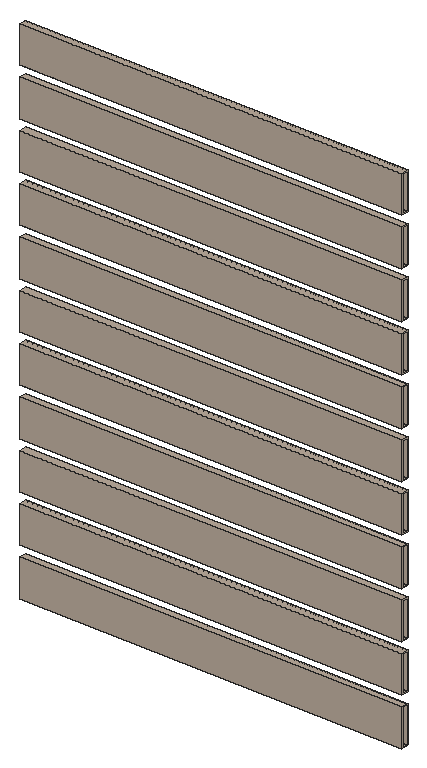
Revit family "Palmshield-Mercury-Semi-Private-Aluminum-Panel", category Specialty Equipment, Revit 2026
Family settings
  Round Connector Dimension = Use Diameter
  Part Type = Normal
  Classification Number = 23.55.00.00
  Work Plane-Based = No
  Enable Cutting in Views = No
  Always vertical = No
  Cut with Voids When Loaded = No
  Maintain Annotation Orientation = No
  Shared = No
  Room Calculation Point = No
Parameters (values of type "Assembly")
  Width [instance] = if(Desired Overall Width < C Min Width, C Min Width, if(Desired Overall Width > C Max Width, C Max Width, Desired Overall Width))  # 4' - 0"
  Warranty URL = "https://palmshieldlouvers.com/wp-content/uploads/2020/01/PalmSHIELD-Warranty-NO-SIGN-LINE.pdf"
  Version = "2020 - v1.0a"  # constant formula
  URL = "https://palmshieldlouvers.com/"
  Product Page URL = "https://palmshieldlouvers.com/products/mercury-eco-semi-private/"
  Product Documentation Link = "https://palmshieldlouvers.com/wp-content/uploads/2022/01/Mercury-Economic-Semi-Private-Aluminum-Composite.pdf"
  Offset From Surface = 0' - 2"  # constant formula
  Model = "Mercury Economic Semi Private - Aluminum"  # constant formula
  Material = Metal - PalmSHIELD - Grey Beige
  Manufacturer Phone Number = "531-329-4406 "  # constant formula
  Manufacturer Email = "mailto: info@palmshieldlouvers.com"
  Manufacturer Address = "12330 Cary Circle, La Vista, NE 68128"  # constant formula
  Manufacturer = "PalmSHIELD"  # constant formula
  Louver Finish = Metal - PalmSHIELD - Grey Beige
  Keynote = "05 10 00"
  Instruction Sheet Link = "https://palmshieldlouvers.com/wp-content/uploads/2021/09/PalmSHIELD-Mercury-Series-Post-Panel-Gate-Installation-Instructions-2.docx"
  ID [instance] = "Not Assigned"
  Height [instance] = if(Desired Overall Height < C Min Height, C Min Height, if(Desired Overall Height > C Max Height, C Max Height, Desired Overall Height))  # 6' - 0"
  Desired Overall Width [instance] = 4' - 0"
  Desired Overall Height [instance] = 6' - 0"
  Desired Bottom Angle [instance] = 0.00°
  Description = "Mercury Economic Semi Private - Aluminum - Panel Assembly"  # constant formula
  Default Elevation = 0' - 0"
  Copyright = "Copyright ©2024 The American Fence Company and PalmSHIELD. All Rights Reserved."  # constant formula
  Component Vis [instance] = yes
  Component Name [instance] = "Mercury Economic Semi Private - Aluminum"  # constant formula
  C Min Width [instance] = 4' - 0"  # constant formula
  C Min Height [instance] = C Min Width  # 4' - 0"
  C Max Width [instance] = 5' - 0"  # constant formula
  C Max Height [instance] = 8' - 0"  # constant formula
  C Angle [instance] = if(Desired Bottom Angle > 10.00°, 10.00°, if(Desired Bottom Angle < -10.00°, -10.00°, Desired Bottom Angle))  # 0.00°
  Assembly Code = "F1020100"
Reference planes (in)
  plane 1 "Center (Front/Back)": y = 0
  plane 2: z = 0
  plane 3 "Center (Left/Right)": x = 0
  plane 4: z = 72
  plane 5: x = 48
  plane 6: y = 3
  plane 7: y = 1.5
Lines and regions (in)
  reference lines
    curve 1: line (48, 0, 96.95698) -> (48, 0, -11)
    curve 2: line (-20.8931, 0, 72) -> (71.1069, 0, 72)
Dimensions and locks (in)
  "Desired Overall Height": curve 2 to level
  "Desired Overall Width": curve 1 to plane 3 "Center (Left/Right)"
  "Height": plane 4 to level
  "Width": plane 5 to plane 3 "Center (Left/Right)"
  equal spacing: plane 1 "Center (Front/Back)", plane 7, plane 6
  aligned and locked: plane 2 to level
Automatic sketch dimensions
  curve 2 to plane 3 "Center (Left/Right)" = 1' - 8.8931"
  plane 5 to curve 2 = 1' - 11.1069"
  curve 1 to level = 0' - 11"
  plane 4 to curve 1 = 2' - 0.95698"
Nested families (in)
  nested 1: "Screening-Louver-Assembly-Panel-Palmshield-Mercury_Economic_Semi_Private-Aluminum" at (0, -0.88201, 0), Desired Overall Height <- "Desired Overall Height", Desired Overall Width <- "Desired Overall Width", ID <- "ID", Component Vis <- "Component Vis", visible <- "Component Vis", type "Assembly"
    with Width 4' - 0", Louver Length 4' - 3 5/8", ID "Not Assigned", Height 6' - 0", Desired Overall Width 4' - 0", Desired Overall Height 6' - 0", Component Vis yes, Component Name "Mercury Economic Semi Private - Panel Assembly - Aluminum", C Top Post Length 4' - 0", C Straight Corner Angle 45.00°, C Slope Angle 0.00°, C Side Frame Width 0' - 0 7/8", C Side Adjustment 0' - 0", C Rib Thickness Bottom Offset 0' - 0", C Rib Bottom Side Offset 0' - 0", C Louver Offset 0' - 0 1/8", C Louver Count 11, C Hip 4' - 0", C Frame Offset 0' - 0 3/8", C Desired Bottom Angle 0.00°, C B-Side Post Length 6' - 0", C B-Side Angle 45.00°, C Angle 90.00°, C A-Side Post Length 6' - 0", C A-Side Angle 45.00°
  nested 2: "Nested-Louvers-Palmshield-Mercury_Economic_Semi_Private-Aluminum" at (-1.8125, 1.11799, 8.45) x (0, 1, 0) z (1, 0, 0), type "0.938" X 5" ALUMINUM SLAT, TYP."
    with Material Metal - PalmSHIELD - Grey Beige, Length 4' - 3 5/8", ID "Not Assigned", Component Name "Mercury Economic Semi Private - Aluminum - Louvers"
  nested 3: "Nested-Louvers-Palmshield-Mercury_Economic_Semi_Private-Aluminum" at (-1.8125, 1.11799, 14.9) x (0, 1, 0) z (1, 0, 0), type "0.938" X 5" ALUMINUM SLAT, TYP."
    with Material Metal - PalmSHIELD - Grey Beige, Length 4' - 3 5/8", ID "Not Assigned", Component Name "Mercury Economic Semi Private - Aluminum - Louvers"
  nested 4: "Nested-Louvers-Palmshield-Mercury_Economic_Semi_Private-Aluminum" at (-1.8125, 1.11799, 21.35) x (0, 1, 0) z (1, 0, 0), type "0.938" X 5" ALUMINUM SLAT, TYP."
    with Material Metal - PalmSHIELD - Grey Beige, Length 4' - 3 5/8", ID "Not Assigned", Component Name "Mercury Economic Semi Private - Aluminum - Louvers"
  nested 5: "Nested-Louvers-Palmshield-Mercury_Economic_Semi_Private-Aluminum" at (-1.8125, 1.11799, 27.8) x (0, 1, 0) z (1, 0, 0), type "0.938" X 5" ALUMINUM SLAT, TYP."
    with Material Metal - PalmSHIELD - Grey Beige, Length 4' - 3 5/8", ID "Not Assigned", Component Name "Mercury Economic Semi Private - Aluminum - Louvers"
  nested 6: "Nested-Louvers-Palmshield-Mercury_Economic_Semi_Private-Aluminum" at (-1.8125, 1.11799, 34.25) x (0, 1, 0) z (1, 0, 0), type "0.938" X 5" ALUMINUM SLAT, TYP."
    with Material Metal - PalmSHIELD - Grey Beige, Length 4' - 3 5/8", ID "Not Assigned", Component Name "Mercury Economic Semi Private - Aluminum - Louvers"
  nested 7: "Nested-Louvers-Palmshield-Mercury_Economic_Semi_Private-Aluminum" at (-1.8125, 1.11799, 40.7) x (0, 1, 0) z (1, 0, 0), type "0.938" X 5" ALUMINUM SLAT, TYP."
    with Material Metal - PalmSHIELD - Grey Beige, Length 4' - 3 5/8", ID "Not Assigned", Component Name "Mercury Economic Semi Private - Aluminum - Louvers"
  nested 8: "Nested-Louvers-Palmshield-Mercury_Economic_Semi_Private-Aluminum" at (-1.8125, 1.11799, 47.15) x (0, 1, 0) z (1, 0, 0), type "0.938" X 5" ALUMINUM SLAT, TYP."
    with Material Metal - PalmSHIELD - Grey Beige, Length 4' - 3 5/8", ID "Not Assigned", Component Name "Mercury Economic Semi Private - Aluminum - Louvers"
  nested 9: "Nested-Louvers-Palmshield-Mercury_Economic_Semi_Private-Aluminum" at (-1.8125, 1.11799, 53.6) x (0, 1, 0) z (1, 0, 0), type "0.938" X 5" ALUMINUM SLAT, TYP."
    with Material Metal - PalmSHIELD - Grey Beige, Length 4' - 3 5/8", ID "Not Assigned", Component Name "Mercury Economic Semi Private - Aluminum - Louvers"
  nested 10: "Nested-Louvers-Palmshield-Mercury_Economic_Semi_Private-Aluminum" at (-1.8125, 1.11799, 60.05) x (0, 1, 0) z (1, 0, 0), type "0.938" X 5" ALUMINUM SLAT, TYP."
    with Material Metal - PalmSHIELD - Grey Beige, Length 4' - 3 5/8", ID "Not Assigned", Component Name "Mercury Economic Semi Private - Aluminum - Louvers"
  nested 11: "Nested-Louvers-Palmshield-Mercury_Economic_Semi_Private-Aluminum" at (-1.8125, 1.11799, 2) x (0, 1, 0) z (1, 0, 0), type "0.938" X 5" ALUMINUM SLAT, TYP."
    with Material Metal - PalmSHIELD - Grey Beige, Length 4' - 3 5/8", ID "Not Assigned", Component Name "Mercury Economic Semi Private - Aluminum - Louvers"
  nested 12: "Nested-Louvers-Palmshield-Mercury_Economic_Semi_Private-Aluminum" at (-1.8125, 1.11799, 66.5) x (0, 1, 0) z (1, 0, 0), type "0.938" X 5" ALUMINUM SLAT, TYP."
    with Material Metal - PalmSHIELD - Grey Beige, Length 4' - 3 5/8", ID "Not Assigned", Component Name "Mercury Economic Semi Private - Aluminum - Louvers"
Definition of nested family "Nested-Louvers-Palmshield-Mercury_Economic_Semi_Private-Aluminum"
  Parameters (values of type "0.938" X 5" ALUMINUM SLAT, TYP.")
    Width = 0' - 5"  # constant formula
    Warranty URL = "https://palmshieldlouvers.com/wp-content/uploads/2020/01/PalmSHIELD-Warranty-NO-SIGN-LINE.pdf"
    Version = "2020 - v1.0a"  # constant formula
    URL = "https://palmshieldlouvers.com/"
    Thickness = 0' - 0 15/16"  # constant formula
    Product Page URL = "Contact Manufacturer for More Information"
    Product Documentation Link = "Contact Manufacturer for More Information"
    Model = "Mercury Economic Semi Private"  # constant formula
    Material [instance] = none
    Manufacturer Phone Number = "531-329-4406 "  # constant formula
    Manufacturer Fax Number = "Consult Manufacturer Website for More Information"  # constant formula
    Manufacturer Email = "mailto: info@palmshieldlouvers.com"
    Manufacturer Address = "12330 Cary Circle, La Vista, NE 68128"  # constant formula
    Manufacturer = "PalmSHIELD"  # constant formula
    Length [instance] = 4' - 4.86713"
    Keynote = "05 10 00"
    Instruction Sheet Link = "Contact Manufacturer for More Information"
    ID [instance] = ""
    Description = "Mercury Economic Semi Private - Louvers"  # constant formula
    Default Elevation = 4' - 0"
    Copyright = "Copyright ©2024 The American Fence Company and PalmSHIELD. All Rights Reserved."  # constant formula
    Component Name [instance] = "Mercury Economic Semi Private - Aluminum - Louvers"  # constant formula
    Assembly Code = "F1020100"
  Reference planes (in)
    plane 1 "Center (Front/Back)": y = 0
    plane 2: z = 0
    plane 3 "Center (Left/Right)": x = 0
    plane 4: z = 52.86713
  Forms (in)
    Extrusion 1, solid
      sketch origin (0, 0, 0) x (1, 0, 0) y (0, 1, 0)
        loop
          line (-48, 48) -> (-48, -48) -> (48, -48) -> (48, 48) -> (-48, 48)
      from 0 to -12
    Sweep 2, solid, material <- "Material"
      path origin (0, 0, 0) x (0, 1, 0) y (0, 0, 1)
        loop
          line (0, 0) -> (0, 52.86713)
      profile "Profile-Palmshield-Louver : 0.938" X 5" ALUMINUM SLAT, TYP." origin (0, 0, 26.43357) x (0, -1, 0) y (1, 0, 0)
        loop
          line (-4.9375, 0.4065) -> (-4.9375, -0.4065) -> (-0.0625, -0.4065) -> (-0.0625, 0.4065) -> (-4.9375, 0.4065)
        loop
          line (-5, 0.469) -> (-5, -0.469) -> (0, -0.469) -> (0, 0.469) -> (-5, 0.469)
  Dimensions and locks (in)
    "Length": plane 4 to plane 2
    aligned and locked: plane 2 to Extrusion 1
    aligned and locked: level to Extrusion 1
    aligned and locked: plane 1 "Center (Front/Back)" to Sweep 2 sketch curve
    aligned and locked: plane 4 to Sweep 2 sketch curve
  Automatic sketch dimensions
    Extrusion 1 sketch curve to Extrusion 1 sketch curve = 8' - 0"  (x2)
    Sweep 2 sketch curve to level = 0' - 0"
Definition of nested family "Screening-Louver-Assembly-Panel-Palmshield-Mercury_Economic_Semi_Private-Aluminum"
  Parameters (values of type "Default")
    Width [instance] = if(Desired Overall Width < 4' 0", 4' 0", if(Desired Overall Width > 5' 0", 5' 0", Desired Overall Width))  # 4' - 0"
    Warranty URL = "https://palmshieldlouvers.com/wp-content/uploads/2020/01/PalmSHIELD-Warranty-NO-SIGN-LINE.pdf"
    Version = "2020 - v1.0a"  # constant formula
    URL = "https://palmshieldlouvers.com/"
    Offset From Surface = 0' - 3 1/2"  # constant formula
    Material = none
    Louver Separation = 0' - 6 1/2"  # constant formula
    Product Page URL = "https://palmshieldlouvers.com/products/mercury-eco-semi-private/"
    Product Documentation Link = "https://palmshieldlouvers.com/wp-content/uploads/2022/01/Mercury-Economic-Semi-Private-Aluminum-Composite.pdf"
    Model = "Mercury Economic Semi Private"  # constant formula
    Manufacturer Phone Number = "531-329-4406 "  # constant formula
    Manufacturer Fax Number = "Consult Manufacturer Website for More Information"  # constant formula
    Manufacturer Email = "mailto: info@palmshieldlouvers.com"
    Manufacturer Address = "12330 Cary Circle, La Vista, NE 68128"  # constant formula
    Manufacturer = "PalmSHIELD"  # constant formula
    Louver Length [instance] = Width + 2 * C Frame Overlap  # 4' - 3 5/8"
    Keynote = "05 10 00"
    Instruction Sheet Link = "https://palmshieldlouvers.com/wp-content/uploads/2021/09/PalmSHIELD-Mercury-Series-Post-Panel-Gate-Installation-Instructions-2.docx"
    ID [instance] = "Not Assgined"
    Height [instance] = if(Desired Overall Height < 3' 0", 3' 0", if(Desired Overall Height > 12' 0", 12' 0", Desired Overall Height))  # 6' - 0 1/2"
    Component Vis [instance] = yes
    C Frame Width = 0' - 4"  # constant formula
    C Frame Thickness = 0' - 0 1/8"  # constant formula
    Desired Overall Width [instance] = 4' - 0"
    Desired Overall Height [instance] = 6' - 0 1/2"
    Description = "Mercury Economic Semi Private - Panel Assembly"  # constant formula
    Default Elevation = 4' - 0"
    Copyright = "Copyright ©2024 The American Fence Company and PalmSHIELD. All Rights Reserved."  # constant formula
    Component Name [instance] = "Mercury Economic Semi Private - Panel Assembly - Aluminum"  # constant formula
    C Top Post Length [instance] = Width  # 4' - 0"
    C Top Offset = 0' - 5 1/2"  # constant formula
    C Straight Corner Angle [instance] = 45.00°  # constant formula
    C Slope Angle [instance] = if(C Desired Bottom Angle < -25.00°, 25.00°, if(C Desired Bottom Angle > 25.00°, 25.00°, C Desired Bottom Angle))  # 0.00°
    C Side Frame Width [instance] = 0' - 0 7/8"  # constant formula
    C Rib Thickness Bottom Offset [instance] = 0' - 0"  # constant formula
    C Rib Bottom Side Offset [instance] = if(C Slope Angle < 0.00°, -C Frame Thickness * sin(C Slope Angle), C Frame Thickness * sin(C Slope Angle))  # 0' - 0"
    C Louver Overlap = 0' - 0 1/2"  # constant formula
    C Louver Offset [instance] = 0' - 0 1/8"  # constant formula
    C Louver Count [instance] = roundup((Height - 0' 2 1/2") / Louver Separation)  # 11
    C Hip [instance] = Width / cos(C Slope Angle)  # 4' - 0"
    C Side Adjustment [instance] = -C Hip * sin(C Slope Angle)  # 0' - 0"
    C Frame Overlap = 0' - 1 13/16"  # constant formula
    C Frame Offset [instance] = C Side Frame Width - 0' 0 1/2"  # 0' - 0 3/8"
    C Bottom Offset = 0' - 2"  # constant formula
    C B-Side Post Length [instance] = Height + C Side Adjustment  # 6' - 0 1/2"
    C B-Side Angle [instance] = (90.00° - C Slope Angle) / 2  # 45.00°
    C Angle [instance] = if(C Slope Angle < -25.00°, 90.00° - 25.00°, if(C Slope Angle > 25.00°, 90.00° + 25.00°, 90.00° - C Slope Angle))  # 90.00°
    C Desired Bottom Angle [instance] = 0.00°  # constant formula
    C A-Side Post Length [instance] = Height  # 6' - 0 1/2"
    C A-Side Angle [instance] = (90.00° + C Slope Angle) / 2  # 45.00°
    Assembly Code = "F1020100"
  Reference planes (in)
    plane 1: y = 0
    plane 2: z = 0
    plane 3 "Side A": x = 0
    plane 4 "Top": z = 72.5
    plane 5 "Side B": x = 48
    plane 6: y = 4
    plane 7: z = 72.5
    plane 8: x = 0
    plane 9: x = -1.8125
    plane 10 "Center (Front/Back)": y = 2
    plane 11: x = 24
    plane 12: z = 2
    plane 13: z = 67
  Forms (in)
    Extrusion 1, solid
      sketch origin (0, 0, 0) x (1, 0, 0) y (0, 1, 0)
        loop
          line (-48, 48) -> (-48, -48) -> (48, -48) -> (48, 48) -> (-48, 48)
      from 0 to -12
  Lines and regions (in)
    reference lines
      curve 1: line (0, 0, 2.14604) -> (84, 0, 2.14604)
      curve 2: line (15.625, 0, 2.14604) -> (26.375, 0, 2.14604)
      curve 3: line (31.625, 0, 2.14604) -> (41.625, 0, 2.14604)
      curve 4: line (-25.10096, 0, 72.5) -> (91.1024, 0, 72.5)
      curve 5: line (48, 0, 2.14604) -> (53.25, 0, 2.14604)
      curve 6: line (48, 0, 92.41427) -> (48, 0, -22.08573)
  Dimensions and locks (in)
    "Width": plane 5 "Side B" to plane 3 "Side A"
    plane 3 "Side A" to plane 5 "Side B" = 4' - 0"
    plane 4 "Top" to plane 7 = 0' - 0"
    "C Rib Bottom Side Offset": plane 3 "Side A" to plane 8
    equal spacing: plane 1, plane 10 "Center (Front/Back)", plane 6
    equal spacing: plane 3 "Side A", plane 11, plane 5 "Side B"
    "C Frame Overlap": plane 3 "Side A" to plane 9
    "C Bottom Offset": plane 12 to plane 2
    "C Top Offset": plane 7 to plane 13
    equal spacing: group 1, group 3, group 4, group 5, group 6, group 7, group 8, group 9, group 10, group 11, group 2  (x2)
    equal spacing: group 2, group 11, group 10, group 9, group 8, group 7, group 6, group 5, group 4, group 3, group 1
    "Desired Overall Width": curve 6 to plane 3 "Side A"
    "C Frame Width": plane 6 to plane 1
    "Desired Overall Height": curve 4 to plane 2
    "Height": plane 4 "Top" to plane 2
    "C Angle": angle curve 1 to plane 3 "Side A"
    locked: curve 5 to plane 5 "Side B" (angle 90.00°)
    aligned and locked: plane 2 to Extrusion 1
    aligned and locked: level to Extrusion 1
    aligned and locked: plane 3 "Side A" to curve 1
    aligned and locked: plane 12 to nested 2
    aligned and locked: plane 13 to nested 1
    aligned and locked: plane 10 "Center (Front/Back)" to nested 2
    aligned and locked: plane 10 "Center (Front/Back)" to nested 1
  Automatic sketch dimensions
    Extrusion 1 sketch curve to Extrusion 1 sketch curve = 8' - 0"  (x2)
    curve 5 to plane 5 "Side B" = 0' - 0"
    curve 4 to plane 9 = 1' - 11.28846"
    curve 2 to plane 12 = 0' - 0.14604"
    curve 2 to plane 11 = 0' - 8 3/8"
    plane 11 to curve 2 = 0' - 2 3/8"
    curve 3 to plane 12 = 0' - 0.14604"
    curve 2 to curve 3 = 0' - 5 1/4"
    curve 3 to curve 5 = 0' - 6 3/8"
    plane 5 "Side B" to curve 4 = 3' - 7.1024"
    curve 5 to plane 12 = 0' - 0.14604"
    curve 6 to level = 1' - 10.08573"
    plane 4 "Top" to curve 6 = 1' - 7.91427"
  Nested families (in)
    nested 1: "Nested-Louvers-Palmshield-Mercury_Economic_Semi_Private-Aluminum" at (-1.8125, 2, 67) x (0, 1, 0) z (1, 0, 0), Length <- "Louver Length", ID <- "ID", Material <- "Material", visible <- "Component Vis", type "0.938" X 5" ALUMINUM SLAT, TYP."
      with Material none, Length 4' - 3 5/8", ID "Not Assgined", Component Name "Mercury Economic Semi Private - Aluminum - Louvers"
    nested 2: "Nested-Louvers-Palmshield-Mercury_Economic_Semi_Private-Aluminum" at (-1.8125, 2, 2) x (0, 1, 0) z (1, 0, 0), Length <- "Louver Length", ID <- "ID", Material <- "Material", visible <- "Component Vis", type "0.938" X 5" ALUMINUM SLAT, TYP."
      with Material none, Length 4' - 3 5/8", ID "Not Assgined", Component Name "Mercury Economic Semi Private - Aluminum - Louvers"
    nested 3: "Nested-Louvers-Palmshield-Mercury_Economic_Semi_Private-Aluminum" at (-1.8125, 2, 60.5) x (0, 1, 0) z (1, 0, 0), Length <- "Louver Length", ID <- "ID", Material <- "Material", visible <- "Component Vis", type "0.938" X 5" ALUMINUM SLAT, TYP."
      with Material none, Length 4' - 3 5/8", ID "Not Assgined", Component Name "Mercury Economic Semi Private - Aluminum - Louvers"
    nested 4: "Nested-Louvers-Palmshield-Mercury_Economic_Semi_Private-Aluminum" at (-1.8125, 2, 54) x (0, 1, 0) z (1, 0, 0), Length <- "Louver Length", ID <- "ID", Material <- "Material", visible <- "Component Vis", type "0.938" X 5" ALUMINUM SLAT, TYP."
      with Material none, Length 4' - 3 5/8", ID "Not Assgined", Component Name "Mercury Economic Semi Private - Aluminum - Louvers"
    nested 5: "Nested-Louvers-Palmshield-Mercury_Economic_Semi_Private-Aluminum" at (-1.8125, 2, 47.5) x (0, 1, 0) z (1, 0, 0), Length <- "Louver Length", ID <- "ID", Material <- "Material", visible <- "Component Vis", type "0.938" X 5" ALUMINUM SLAT, TYP."
      with Material none, Length 4' - 3 5/8", ID "Not Assgined", Component Name "Mercury Economic Semi Private - Aluminum - Louvers"
    nested 6: "Nested-Louvers-Palmshield-Mercury_Economic_Semi_Private-Aluminum" at (-1.8125, 2, 41) x (0, 1, 0) z (1, 0, 0), Length <- "Louver Length", ID <- "ID", Material <- "Material", visible <- "Component Vis", type "0.938" X 5" ALUMINUM SLAT, TYP."
      with Material none, Length 4' - 3 5/8", ID "Not Assgined", Component Name "Mercury Economic Semi Private - Aluminum - Louvers"
    nested 7: "Nested-Louvers-Palmshield-Mercury_Economic_Semi_Private-Aluminum" at (-1.8125, 2, 34.5) x (0, 1, 0) z (1, 0, 0), Length <- "Louver Length", ID <- "ID", Material <- "Material", visible <- "Component Vis", type "0.938" X 5" ALUMINUM SLAT, TYP."
      with Material none, Length 4' - 3 5/8", ID "Not Assgined", Component Name "Mercury Economic Semi Private - Aluminum - Louvers"
    nested 8: "Nested-Louvers-Palmshield-Mercury_Economic_Semi_Private-Aluminum" at (-1.8125, 2, 28) x (0, 1, 0) z (1, 0, 0), Length <- "Louver Length", ID <- "ID", Material <- "Material", visible <- "Component Vis", type "0.938" X 5" ALUMINUM SLAT, TYP."
      with Material none, Length 4' - 3 5/8", ID "Not Assgined", Component Name "Mercury Economic Semi Private - Aluminum - Louvers"
    nested 9: "Nested-Louvers-Palmshield-Mercury_Economic_Semi_Private-Aluminum" at (-1.8125, 2, 21.5) x (0, 1, 0) z (1, 0, 0), Length <- "Louver Length", ID <- "ID", Material <- "Material", visible <- "Component Vis", type "0.938" X 5" ALUMINUM SLAT, TYP."
      with Material none, Length 4' - 3 5/8", ID "Not Assgined", Component Name "Mercury Economic Semi Private - Aluminum - Louvers"
    nested 10: "Nested-Louvers-Palmshield-Mercury_Economic_Semi_Private-Aluminum" at (-1.8125, 2, 15) x (0, 1, 0) z (1, 0, 0), Length <- "Louver Length", ID <- "ID", Material <- "Material", visible <- "Component Vis", type "0.938" X 5" ALUMINUM SLAT, TYP."
      with Material none, Length 4' - 3 5/8", ID "Not Assgined", Component Name "Mercury Economic Semi Private - Aluminum - Louvers"
    nested 11: "Nested-Louvers-Palmshield-Mercury_Economic_Semi_Private-Aluminum" at (-1.8125, 2, 8.5) x (0, 1, 0) z (1, 0, 0), Length <- "Louver Length", ID <- "ID", Material <- "Material", visible <- "Component Vis", type "0.938" X 5" ALUMINUM SLAT, TYP."
      with Material none, Length 4' - 3 5/8", ID "Not Assgined", Component Name "Mercury Economic Semi Private - Aluminum - Louvers"
  Definition of nested family "Nested-Louvers-Palmshield-Mercury_Economic_Semi_Private-Aluminum"
    Parameters (values of type "0.938" X 5" ALUMINUM SLAT, TYP.")
      Width = 0' - 5"  # constant formula
      Warranty URL = "https://palmshieldlouvers.com/wp-content/uploads/2020/01/PalmSHIELD-Warranty-NO-SIGN-LINE.pdf"
      Version = "2020 - v1.0a"  # constant formula
      URL = "https://palmshieldlouvers.com/"
      Thickness = 0' - 0 15/16"  # constant formula
      Product Page URL = "Contact Manufacturer for More Information"
      Product Documentation Link = "Contact Manufacturer for More Information"
      Model = "Mercury Economic Semi Private"  # constant formula
      Material [instance] = none
      Manufacturer Phone Number = "531-329-4406 "  # constant formula
      Manufacturer Fax Number = "Consult Manufacturer Website for More Information"  # constant formula
      Manufacturer Email = "mailto: info@palmshieldlouvers.com"
      Manufacturer Address = "12330 Cary Circle, La Vista, NE 68128"  # constant formula
      Manufacturer = "PalmSHIELD"  # constant formula
      Length [instance] = 4' - 4.86713"
      Keynote = "05 10 00"
      Instruction Sheet Link = "Contact Manufacturer for More Information"
      ID [instance] = ""
      Description = "Mercury Economic Semi Private - Louvers"  # constant formula
      Default Elevation = 4' - 0"
      Copyright = "Copyright ©2024 The American Fence Company and PalmSHIELD. All Rights Reserved."  # constant formula
      Component Name [instance] = "Mercury Economic Semi Private - Aluminum - Louvers"  # constant formula
      Assembly Code = "F1020100"
    Reference planes (in)
      plane 1 "Center (Front/Back)": y = 0
      plane 2: z = 0
      plane 3 "Center (Left/Right)": x = 0
      plane 4: z = 52.86713
    Forms (in)
      Extrusion 1, solid
        sketch origin (0, 0, 0) x (1, 0, 0) y (0, 1, 0)
          loop
            line (-48, 48) -> (-48, -48) -> (48, -48) -> (48, 48) -> (-48, 48)
        from 0 to -12
      Sweep 2, solid, material <- "Material"
        path origin (0, 0, 0) x (0, 1, 0) y (0, 0, 1)
          loop
            line (0, 0) -> (0, 52.86713)
        profile "Profile-Palmshield-Louver : 0.938" X 5" ALUMINUM SLAT, TYP." origin (0, 0, 26.43357) x (0, -1, 0) y (1, 0, 0)
          loop
            line (-4.9375, 0.4065) -> (-4.9375, -0.4065) -> (-0.0625, -0.4065) -> (-0.0625, 0.4065) -> (-4.9375, 0.4065)
          loop
            line (-5, 0.469) -> (-5, -0.469) -> (0, -0.469) -> (0, 0.469) -> (-5, 0.469)
    Dimensions and locks (in)
      "Length": plane 4 to plane 2
      aligned and locked: plane 2 to Extrusion 1
      aligned and locked: level to Extrusion 1
      aligned and locked: plane 1 "Center (Front/Back)" to Sweep 2 sketch curve
      aligned and locked: plane 4 to Sweep 2 sketch curve
    Automatic sketch dimensions
      Extrusion 1 sketch curve to Extrusion 1 sketch curve = 8' - 0"  (x2)
      Sweep 2 sketch curve to level = 0' - 0"
